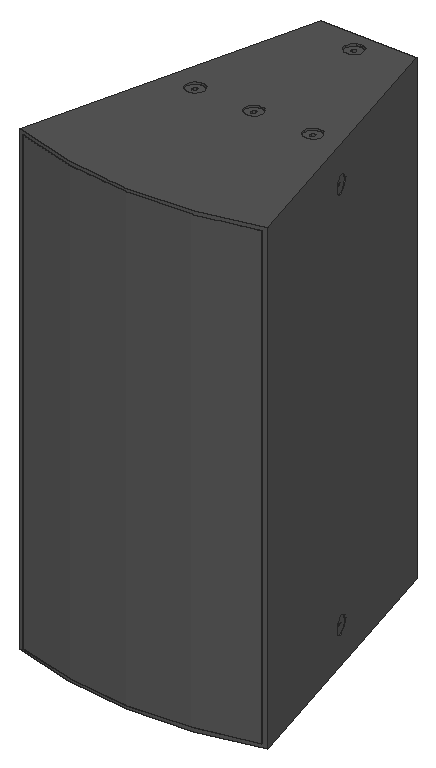
Revit family "1Electronics_Community-Point-Source_Biamp_IP8_1152WR", category Communication Devices, host Face, Revit 2020
Family settings
  Host = Face
  Maintain Annotation Orientation = No
  Round Connector Dimension = Use Diameter
  Part Type = Normal
  OmniClass Number = 23.85.10.11.14.14.14
  OmniClass Title = Loudspeakers
  Cut with Voids When Loaded = No
  Shared = No
  Room Calculation Point = No
Parameters (values of type "Please download type catalogue!")
  Width = 1' - 4 1/2"  # constant formula
  Weight = 68.00 lbf  # constant formula
  URL = "https://www.biamp.com/"
  Transducers = "LF 1 x 15 (381mm) ferrite driver, 3 (76mm) voice coil, demodulation ring; HF 1 x 1.4 (36mm) exit compression, 2.6 (66mm) voice coil, demodulation ring, ketone polymer diaphragm, neodymium compression driver"  # constant formula
  Shipping Weight = 81.00 lbf  # constant formula
  Recommended Amplifiers = "LF - 600W - 1200W @ 8 ohms, (69V - 98V); HF - 80W - 160W @ 8 ohms (25V - 36V)"  # constant formula
  Product data url = "https://www.bimobject.com/biamp/product/ip8-1152wr_community-point-source"
  Product Page URL = "https://www.biamp.com/products/product-families/community/point-source#ip8-1152wr"
  Product Documentation Link = "https://www.biamp.com/products/product-families/community/point-source#ip8-1152wr"
  Operating Range = ""
  Operating Mode = "Passive or Biamp with DSP"  # constant formula
  Operating Environment = "Weather-Resistant Outdoor"  # constant formula
  Nominal Sensitivity = ""
  Nominal Maximum SPL (Whole Space) = ""
  Nominal Beamwidth (H x V) = ""
  Mounting Points = "15"  # constant formula
  Model = ""
  Manufacturer = "Biamp"  # constant formula
  Input Connection = "Screw terminal blocks (6-position)"  # constant formula
  Housing Material = Biamp - Plastic - Black
  Height = 2' - 6 205/256"  # constant formula
  Gril Material = Biamp - Plastic - Black(Grid)
  Equalized Sensitivity = "1W: 93 dB - 2.83V: 93 dB"  # constant formula
  Equalized Maximum SPL = "Peak: 128 dB - Continuous: 122 dB"  # constant formula
  Environmental = "IP55W per IEC 60529"  # constant formula
  Description = "IP8-1152WR High Power 15-Inch Two-Way Weather-Resistant Installation Loudspeaker"  # constant formula
  Depth = 1' - 8 9/128"  # constant formula
  Default Elevation = 4' - 0"
  Continuous Power Handling  Nominal Impedance = "LF - 69V, 600W @ 8 ohms (2400W peak); HF - 25V, 80W @ 8 ohms (320W peak)"  # constant formula
Reference planes (in)
  plane 1 "Center (Front/Back)": y = 0
  plane 2: z = 0
  plane 3 "Center (Left/Right)": x = 0
Forms (in)
  Extrusion 1, solid, material "Biamp - Plastic - Black" <- "Housing Material", detail levels medium+fine
    sketch origin (0.06099, 0, 0) x (1, 0, 0) y (0, 1, 0)
      loop
        arc (-8.31099, -9.03391) -> (-0.07454, -10.47654) -> (8.18901, -9.19815) r 25.69511
        line (8.18901, -9.19815) -> (3.02372, 9.59333) -> (-3.34569, 9.59333) -> (-8.31099, -9.03391)
    from 0 to 30.79921
  Extrusion 2, void
    sketch origin (0.06099, 0, 0) x (1, 0, 0) y (0, 1, 0)
      loop
        arc (7.84273, -9.1027) -> (-0.07506, -10.27968) -> (-7.9676, -8.94379) r 25.49826
        line (-7.9676, -8.94379) -> (-8.01841, -9.1344)
        arc (-8.01841, -9.1344) -> (-0.07429, -10.47654) -> (7.89494, -9.29264) r 25.69511
        line (7.89494, -9.29264) -> (7.84273, -9.1027)
    from 0.19685 to 30.60236
  Extrusion 3, void
    sketch origin (0, 0, 0) x (1, 0, 0) y (0, 1, 0)
      loop
        circle (-3.88574, 0) r 0.59055
      loop
        circle (0, 0) r 0.59055
      loop
        circle (3.88574, 0) r 0.59055
      loop
        circle (0, 8.26772) r 0.59055
    from 30.79921 to 30.70079
  Extrusion 4, void
    sketch origin (0, 0, 0) x (1, 0, 0) y (0, 1, 0)
      loop
        circle (-3.88574, 0) r 0.15748
      loop
        circle (0, 0) r 0.15748
      loop
        circle (3.88574, 0) r 0.15748
      loop
        circle (0, 8.26772) r 0.15748
    from 30.48425 to 30.70079
  Extrusion 5, void
    sketch origin (3.47526, 8.1725, -0.11969) x (-0.265043, 0.964236, 0) y (0, 0, -1)
      loop
        circle (-8.43473, -2.47439) r 0.59055
      loop
        circle (-8.43473, -28.5642) r 0.59055
    from 0 to 0.09843
  Extrusion 6, void
    sketch origin (3.47526, 8.1725, -0.11969) x (-0.265043, 0.964236, 0) y (0, 0, -1)
      loop
        circle (-8.43473, -2.47439) r 0.15748
      loop
        circle (-8.43473, -28.5642) r 0.15748
    from 0.09843 to 0.19685
  Extrusion 7, void
    sketch origin (-8.00858, -8.12824, -0.01138) x (-0.257568, -0.96626, 0) y (0, 0, -1)
      loop
        circle (-8.58908, -2.3454) r 0.59055
      loop
        circle (-8.58908, -28.47658) r 0.59055
    from 0 to 0.09843
  Extrusion 8, void
    sketch origin (-8.00858, -8.12824, -0.01138) x (-0.257568, -0.96626, 0) y (0, 0, -1)
      loop
        circle (-8.58908, -2.3454) r 0.15748
      loop
        circle (-8.58908, -28.47658) r 0.15748
    from 0.09843 to 0.19685
  Extrusion 9, solid, material "Biamp - Plastic - Black(Grid)" <- "Gril Material", detail levels medium+fine
    sketch origin (0.06099, 0, 0) x (1, 0, 0) y (0, 1, 0)
      loop
        line (7.89494, -9.29264) -> (7.84273, -9.1027)
        arc (7.84273, -9.1027) -> (-0.07506, -10.27968) -> (-7.9676, -8.94379) r 25.49826
        line (-7.9676, -8.94379) -> (-8.01841, -9.1344)
        arc (-8.01841, -9.1344) -> (-0.07429, -10.47654) -> (7.89494, -9.29264) r 25.69511
    from 0.19685 to 30.60236
  Extrusion 10, void
    sketch origin (-2.66499, 9.59333, 0) x (-1, 0, 0) y (0, 0, -1)
      loop
        circle (-2.65672, -14.34419) r 0.59055
      loop
        circle (-2.65672, -2.39197) r 0.59055
      loop
        circle (-2.65672, -28.40725) r 0.59055
    from 0 to 0.09843
  Extrusion 11, void
    sketch origin (-2.66499, 9.59333, 0) x (-1, 0, 0) y (0, 0, -1)
      loop
        circle (-2.65672, -14.34419) r 0.15748
      loop
        circle (-2.65672, -2.39197) r 0.15748
      loop
        circle (-2.65672, -28.40725) r 0.15748
    from 0 to 0.19685
  Extrusion 12, void
    sketch origin (-2.66499, 9.59333, 0) x (-1, 0, 0) y (0, 0, -1)
      loop
        line (-4.83035, -12.09383) -> (-0.49964, -12.09383) -> (-0.49964, -5.00722) -> (-4.83035, -5.00722) -> (-4.83035, -12.09383)
    from 0 to 0.19685
  Extrusion 13, solid, material "Biamp - Plastic - Black" <- "Housing Material", detail levels medium+fine
    sketch origin (-2.66499, 9.59333, 0) x (1, 0, 0) y (0, 0, -1)
      loop
        line (0.49964, -12.09383) -> (4.83035, -12.09383) -> (4.83035, -5.00722) -> (0.49964, -5.00722) -> (0.49964, -12.09383)
    from 0 to -0.19685
  Extrusion 14, solid, material "Biamp - Plastic - Black" <- "Housing Material", detail levels coarse
    sketch origin (0.06099, 0, 0) x (1, 0, 0) y (0, 1, 0)
      loop
        line (-3.34569, 9.59333) -> (-8.31099, -9.03391)
        arc (-8.31099, -9.03391) -> (-0.07454, -10.47654) -> (8.18901, -9.19815) r 25.69511
        line (8.18901, -9.19815) -> (3.02372, 9.59333) -> (-3.34569, 9.59333)
    from 0 to 30.79921
  Extrusion 15, solid, material "Biamp - Plastic - Black" <- "Housing Material", detail levels medium+fine
    sketch origin (-2.66499, 9.59333, 0) x (1, 0, 0) y (0, 0, -1)
      loop
        line (4.46661, -11.73413) -> (4.46661, -11.23413) -> (3.96661, -11.23413) -> (3.96661, -11.73413) -> (4.46661, -11.73413)
    from 0 to 0.00716
  Extrusion 16, solid, material "Biamp - Plastic - Black" <- "Housing Material", detail levels medium+fine
    sketch origin (-3.77935, 9.59333, -1) x (1, 0, 0) y (0, 0, -1)
      loop
        line (4.46661, -11.73413) -> (4.46661, -11.23413) -> (3.96661, -11.23413) -> (3.96661, -11.73413) -> (4.46661, -11.73413)
    from 0 to 0.00716
  Extrusion 17, solid, material "Biamp - Plastic - Black" <- "Housing Material", detail levels medium+fine
    sketch origin (-2.66499, 9.59333, -1) x (1, 0, 0) y (0, 0, -1)
      loop
        line (4.46661, -11.73413) -> (4.46661, -11.23413) -> (3.96661, -11.23413) -> (3.96661, -11.73413) -> (4.46661, -11.73413)
    from 0 to 0.00716
Cuts and joins
  Extrusion 2, Extrusion 3, Extrusion 4, Extrusion 5, Extrusion 6, Extrusion 7, Extrusion 8, Extrusion 10, Extrusion 11, Extrusion 12 cuts Extrusion 1
Lines and regions (in)
  Masking region 1
    outline origin (0.06099, 0, 0) x (1, 0, 0) y (0, 1, 0)
      loop
        line (-3.34569, 9.59333) -> (-8.31099, -9.03391)
        arc (-8.31099, -9.03391) -> (-0.07454, -10.47654) -> (8.18901, -9.19815) r 25.69511
        line (8.18901, -9.19815) -> (3.02372, 9.59333) -> (-3.34569, 9.59333)
  Masking region 2
    outline origin (0, 0, 0) x (1, 0, 0) y (0, 0, 1)
      loop
        line (-8.38193, 30.79921) -> (-8.38193, 0) -> (8.28586, 0) -> (8.28586, 30.79921) -> (-8.38193, 30.79921)
  Masking region 3, detail levels medium+fine
    outline origin (0, 0, 0) x (1, 0, 0) y (0, 0, 1)
      loop
        line (-8.19568, 30.60236) -> (-8.19568, 0.19685) -> (8.09869, 0.19685) -> (8.09869, 30.60236) -> (-8.19568, 30.60236)
  Masking region 4
    outline origin (0, 0, 0) x (0, 1, 0) y (0, 0, 1)
      loop
        line (9.59333, 30.79921) -> (-8.47566, 30.79921) -> (-8.47566, 0) -> (9.59333, 0) -> (9.59333, 30.79921)
  Masking region 5
    outline origin (0, 0, 0) x (0, 1, 0) y (0, 0, 1)
      loop
        line (-8.47566, 30.79921) -> (-10.03937, 30.79921) -> (-10.03937, 0) -> (-8.47566, 0) -> (-8.47566, 30.79921)
  symbolic lines, detail levels medium+fine
    curve 1: arc (-0.59055, 8.26772, 0) -> (0, 7.67717, 0) -> (0.59055, 8.26772, 0) r 0.59055
    curve 2: arc (0.59055, 8.26772, 0) -> (0, 8.85827, 0) -> (-0.59055, 8.26772, 0) r 0.59055
    curve 3: arc (-0.59055, 0, 0) -> (0, -0.59055, 0) -> (0.59055, 0, 0) r 0.59055
    curve 4: arc (0.59055, 0, 0) -> (0, 0.59055, 0) -> (-0.59055, 0, 0) r 0.59055
    curve 5: arc (-3.29519, 0, 0) -> (-3.88574, 0.59055, 0) -> (-4.47629, 0, 0) r 0.59055
    curve 6: arc (-4.47629, 0, 0) -> (-3.88574, -0.59055, 0) -> (-3.29519, 0, 0) r 0.59055
    curve 7: arc (3.29519, 0, 0) -> (3.88574, -0.59055, 0) -> (4.47629, 0, 0) r 0.59055
    curve 8: arc (4.47629, 0, 0) -> (3.88574, 0.59055, 0) -> (3.29519, 0, 0) r 0.59055
    curve 9: arc (-0.15748, 0, 0) -> (0, -0.15748, 0) -> (0.15748, 0, 0) r 0.15748
    curve 10: arc (0.15748, 0, 0) -> (0, 0.15748, 0) -> (-0.15748, 0, 0) r 0.15748
    curve 11: arc (-4.04322, 0, 0) -> (-3.88574, -0.15748, 0) -> (-3.72826, 0, 0) r 0.15748
    curve 12: arc (-3.72826, 0, 0) -> (-3.88574, 0.15748, 0) -> (-4.04322, 0, 0) r 0.15748
    curve 13: arc (4.04322, 0, 0) -> (3.88574, 0.15748, 0) -> (3.72826, 0, 0) r 0.15748
    curve 14: arc (3.72826, 0, 0) -> (3.88574, -0.15748, 0) -> (4.04322, 0, 0) r 0.15748
    curve 15: arc (0.15748, 8.26772, 0) -> (0, 8.4252, 0) -> (-0.15748, 8.26772, 0) r 0.15748
    curve 16: arc (-0.15748, 8.26772, 0) -> (0, 8.11024, 0) -> (0.15748, 8.26772, 0) r 0.15748
    curve 17: spline (0, -0.55086, 2.33402) -> (0, -0.53146, 2.48687) -> (0, -0.4746, 2.62929) -> (0, -0.38416, 2.7516) -> (0, -0.26628, 2.84545) -> (0, -0.12901, 2.90445) -> (0, 0.01829, 2.92457) -> (0, 0.1656, 2.90445) -> (0, 0.30287, 2.84545) -> (0, 0.42074, 2.7516) -> (0, 0.51119, 2.62929) -> (0, 0.56805, 2.48687) -> (0, 0.58744, 2.33402)
    curve 18: spline (0, 0.58744, 2.33402) -> (0, 0.56805, 2.18117) -> (0, 0.51119, 2.03874) -> (0, 0.42074, 1.91644) -> (0, 0.30287, 1.82259) -> (0, 0.1656, 1.76359) -> (0, 0.01829, 1.74347) -> (0, -0.12901, 1.76359) -> (0, -0.26628, 1.82259) -> (0, -0.38416, 1.91644) -> (0, -0.4746, 2.03874) -> (0, -0.53146, 2.18117) -> (0, -0.55086, 2.33402)
    curve 19: spline (0, 0.14381, 2.33402) -> (0, 0.13864, 2.29326) -> (0, 0.12347, 2.25528) -> (0, 0.09936, 2.22266) -> (0, 0.06792, 2.19764) -> (0, 0.03132, 2.18191) -> (0, -0.00796, 2.17654) -> (0, -0.04725, 2.18191) -> (0, -0.08385, 2.19764) -> (0, -0.11528, 2.22266) -> (0, -0.1394, 2.25528) -> (0, -0.15457, 2.29326) -> (0, -0.15974, 2.33402)
    curve 20: spline (0, -0.15974, 2.33402) -> (0, -0.15457, 2.37478) -> (0, -0.1394, 2.41276) -> (0, -0.11528, 2.44537) -> (0, -0.08385, 2.4704) -> (0, -0.04725, 2.48613) -> (0, -0.00796, 2.4915) -> (0, 0.03132, 2.48613) -> (0, 0.06792, 2.4704) -> (0, 0.09936, 2.44537) -> (0, 0.12347, 2.41276) -> (0, 0.13864, 2.37478) -> (0, 0.14381, 2.33402)
    curve 21: spline (0, -0.55086, 28.46519) -> (0, -0.53146, 28.31235) -> (0, -0.4746, 28.16992) -> (0, -0.38416, 28.04761) -> (0, -0.26628, 27.95376) -> (0, -0.12901, 27.89476) -> (0, 0.01829, 27.87464) -> (0, 0.1656, 27.89476) -> (0, 0.30287, 27.95376) -> (0, 0.42074, 28.04761) -> (0, 0.51119, 28.16992) -> (0, 0.56805, 28.31235) -> (0, 0.58744, 28.46519)
    curve 22: spline (0, 0.58744, 28.46519) -> (0, 0.56805, 28.61804) -> (0, 0.51119, 28.76047) -> (0, 0.42074, 28.88278) -> (0, 0.30287, 28.97663) -> (0, 0.1656, 29.03562) -> (0, 0.01829, 29.05574) -> (0, -0.12901, 29.03562) -> (0, -0.26628, 28.97663) -> (0, -0.38416, 28.88278) -> (0, -0.4746, 28.76047) -> (0, -0.53146, 28.61804) -> (0, -0.55086, 28.46519)
    curve 23: spline (0, 0.14381, 28.46519) -> (0, 0.13864, 28.50595) -> (0, 0.12347, 28.54393) -> (0, 0.09936, 28.57655) -> (0, 0.06792, 28.60158) -> (0, 0.03132, 28.61731) -> (0, -0.00796, 28.62267) -> (0, -0.04725, 28.61731) -> (0, -0.08385, 28.60158) -> (0, -0.11528, 28.57655) -> (0, -0.1394, 28.54393) -> (0, -0.15457, 28.50595) -> (0, -0.15974, 28.46519)
    curve 24: spline (0, -0.15974, 28.46519) -> (0, -0.15457, 28.42443) -> (0, -0.1394, 28.38645) -> (0, -0.11528, 28.35384) -> (0, -0.08385, 28.32881) -> (0, -0.04725, 28.31308) -> (0, -0.00796, 28.30771) -> (0, 0.03132, 28.31308) -> (0, 0.06792, 28.32881) -> (0, 0.09936, 28.35384) -> (0, 0.12347, 28.38645) -> (0, 0.13864, 28.42443) -> (0, 0.14381, 28.46519)
Dimensions and locks (in)
  aligned and locked: plane 2 to host face
  aligned and locked: level to host face
Connectors (in)
  electrical at (1.55162, 9.60048, 11.48413)
    settings: on Extrusion 15, index 1, voltage 80 V, apparent load 0 VA, apparent load phase1 3200 VA, apparent load phase2 0 VA, apparent load phase3 0 VA, power factor 1, load classification "Other", number of poles 1, system type 5, power factor state 1, is connector primary yes, connector utility no, sub classification motor no, connector description "Screw terminal blocks; Passive input"
  electrical at (0.43726, 9.60048, 10.48413)
    settings: on Extrusion 16, index 2, voltage 0 V, apparent load 0 VA, apparent load phase1 0 VA, apparent load phase2 0 VA, apparent load phase3 0 VA, power factor 1, load classification "Other", number of poles 1, system type 5, power factor state 1, is connector primary no, connector utility no, sub classification motor no, connector description "Screw terminal blocks; Biamp input"
  electrical at (1.55162, 9.60048, 10.48413)
    settings: on Extrusion 17, index 3, voltage 80 V, apparent load 0 VA, apparent load phase1 3200 VA, apparent load phase2 0 VA, apparent load phase3 0 VA, power factor 1, load classification "Other", number of poles 1, system type 5, power factor state 1, is connector primary no, connector utility no, sub classification motor no, connector description "Screw terminal blocks; Passive thru"
